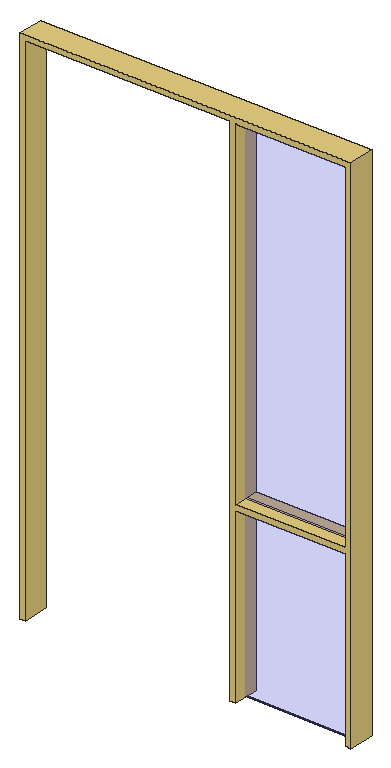
Revit family "DAL_A3-FE1330", category Doors, host Wall, Revit 2016
Family settings
  Host = Wall
  Always vertical = Yes
  Cut with Voids When Loaded = No
  Shared = No
  Room Calculation Point = No
Parameters (values of type "Frame")
  Height = 2107 mm
  Wall Closure = By host
  Width = 1330 mm
  Glass Thickness = 8 mm
  Glass Material = Glass
  Function = Interior
  Frame Thickness = 102 mm
  Frame Material = Meranti Wood
  Frame Depth = 22.5 mm
Reference planes
  plane 1 "Wall Center": y = 0
  plane 2 "Center (Left/Right)": x = 0
  plane 3 "Left": x = -665
  plane 4 "Right": x = 665
  plane 5: z = 2107
  plane 6 "Exterior": y = 75
  plane 7 "Interior": y = -75
  plane 8: x = 177.5
  plane 9: z = 702.333
  plane 10: z = 1404.667
  plane 11: x = -642.5
Forms (mm)
  Sweep 1, solid, material "Meranti Wood" <- "Frame Material"
    path origin (0, 0, 0) x (1, 0, 0) y (0, 0, 1)
      loop
        line (665, 0) -> (665, 2107) -> (-665, 2107) -> (-665, 0)
    profile origin (0, 0, 2107) x (0, 0, -1) y (0, -1, 0)
      loop
        line (0, -51) -> (22.5, -51) -> (22.5, 51) -> (0, 51) -> (0, -51)
  Sweep 2, solid, material "Meranti Wood" <- "Frame Material"
    path origin (0, 0, 0) x (1, 0, 0) y (0, 0, 1)
      loop
        line (177.5, 0) -> (177.5, 2107)
    profile origin (177.5, 0, 1053.5) x (-1, 0, 0) y (0, -1, 0)
      loop
        line (0, -51) -> (0, 51) -> (-22.5, 51) -> (-22.5, -51) -> (0, -51)
  Sweep 3, solid, material "Meranti Wood" <- "Frame Material"
    path origin (0, 0, 0) x (1, 0, 0) y (0, 0, 1)
      loop
        line (665, 702.333) -> (177.5, 702.333)
    profile origin (421.25, 0, 702.333) x (0, 0, -1) y (0, -1, 0)
      loop
        line (-11.25, -51) -> (11.25, -51) -> (11.25, 51) -> (-11.25, 51) -> (-11.25, -51)
  Extrusion 4, solid, material "Glass" <- "Glass Material"
    sketch origin (0, 0, 0) x (1, 0, 0) y (0, 1, 0)
      loop
        line (200, 4) -> (200, -4) -> (642.5, -4) -> (642.5, 4) -> (200, 4)
    from 0 to 691.083
  Extrusion 5, solid, material "Glass" <- "Glass Material"
    sketch origin (0, 0, 0) x (1, 0, 0) y (0, 1, 0)
      loop
        line (200, 4) -> (200, -4) -> (642.5, -4) -> (642.5, 4) -> (200, 4)
    from 713.583 to 2084.5
Cuts and joins
  joined: Sweep 1, Sweep 2, Sweep 3
Lines and regions (mm)
  Opening 1
    outline origin (-3050, -75, 0) x (1, 0, 0) y (0, 0, 1)
      loop
        line (2385, 0) -> (3715, 0) -> (3715, 2107) -> (2385, 2107) -> (2385, 0)
Text (mm)
  text "Exterior" at (-2295.016, 1099.543, 0), in view "Ref. Level"
  text "Exterior" at (0, 1615.38, 3698.081), in view "Left"
  text "Exterior" at (0, 1036.032, 3874.932), in view "Right"
Dimensions and locks
  equal spacing: plane 3 "Left", plane 2 "Center (Left/Right)", plane 4 "Right"
  "Width": plane 3 "Left" to plane 4 "Right"
  "Height": plane 5 to host wall
  equal spacing: host wall, plane 9, plane 10, plane 5
  locked: plane 6 "Exterior" to host wall at 0
  locked: plane 7 "Interior" to host wall
  "Frame Depth": Sweep 1 sketch curve to Sweep 1 sketch curve
  equal spacing: Sweep 1 sketch curve, profile plane, Sweep 1 sketch curve
  "Frame Thickness": Sweep 1 sketch curve to Sweep 1 sketch curve
  cut or joined group of Sweep 1, Sweep 2, Sweep 3 to plane 8 = 820 mm
  "Frame Depth": Sweep 2 sketch curve to Sweep 2 sketch curve
  equal spacing: Sweep 3 sketch curve, plane 9, Sweep 3 sketch curve
  "Frame Depth": Sweep 3 sketch curve to Sweep 3 sketch curve
  equal spacing: Extrusion 4 sketch curve, host wall, Extrusion 4 sketch curve
  "Glass Thickness": Extrusion 4 sketch curve to Extrusion 4 sketch curve
  equal spacing: Extrusion 5 sketch curve, host wall, Extrusion 4
  "Glass Thickness": Extrusion 5 sketch curve to Extrusion 5 sketch curve
  "Frame Depth": plane 3 "Left" to plane 11
  locked: plane 11 to plane 8 at 820
  aligned and locked: plane 3 "Left" to Opening 1 sketch curve
  aligned and locked: plane 5 to Opening 1 sketch curve  (x2)
  aligned and locked: Opening 1 sketch curve to plane 4 "Right"
  aligned and locked: Opening 1 sketch curve to level
  aligned and locked: plane 1 "Wall Center" to host wall
  aligned and locked: plane 5 to Sweep 1 sketch curve
  aligned and locked: Sweep 1 sketch curve to plane 4 "Right"
  aligned and locked: Sweep 1 sketch curve to plane 3 "Left"
  aligned and locked: level to Sweep 1 sketch curve  (x2)
  aligned and locked: Sweep 1 sketch curve to profile plane
  aligned and locked: plane 5 to Sweep 2 sketch curve
  aligned and locked: level to Sweep 2 sketch curve
  aligned and locked: plane 8 to Sweep 2 sketch curve
  aligned and locked: Sweep 2 sketch curve to plane 8
  aligned and locked: Sweep 2 sketch curve to Sweep 1  (x2)
  aligned and locked: plane 4 "Right" to Sweep 3 sketch curve
  aligned and locked: plane 8 to Sweep 3 sketch curve
  aligned and locked: Sweep 3 sketch curve to plane 9
  aligned and locked: Sweep 3 sketch curve to cut or joined group of Sweep 1, Sweep 2, Sweep 3  (x2)
  aligned and locked: cut or joined group of Sweep 1, Sweep 2, Sweep 3 to Extrusion 4 sketch curve  (x2)
  aligned and locked: cut or joined group of Sweep 1, Sweep 2, Sweep 3 to Extrusion 5 sketch curve  (x2)
  aligned and locked: Extrusion 5 to cut or joined group of Sweep 1, Sweep 2, Sweep 3  (x2)
  aligned and locked: Extrusion 4 to cut or joined group of Sweep 1, Sweep 2, Sweep 3
  aligned and locked: Extrusion 4 to level
